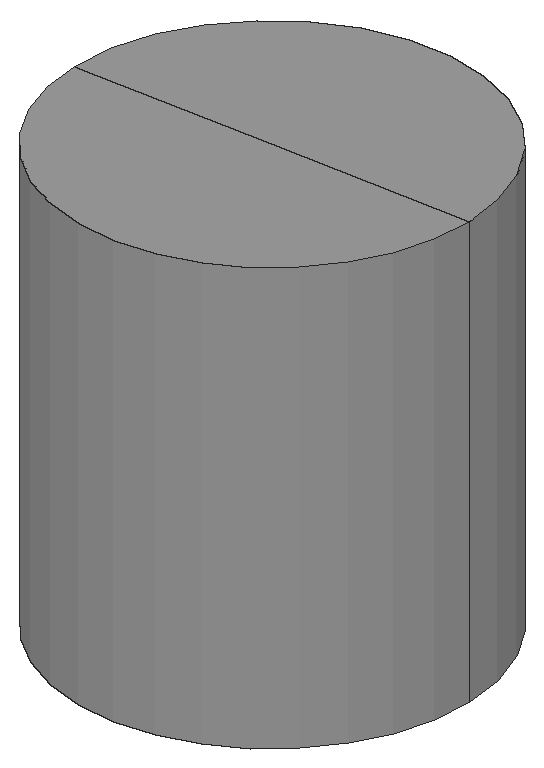
Revit family "NEST_Surface_VIZULO", category Lighting Fixtures, Revit 2021
Family settings
  Round Connector Dimension = Use Diameter
  Part Type = Normal
  OmniClass Number = 23.80.70.00
  OmniClass Title = Lighting
  Work Plane-Based = No
  Always vertical = Yes
  Cut with Voids When Loaded = No
  Light Source = Yes
  Shared = No
  Room Calculation Point = No
Parameters (values of type "Diameter 220, 25 W, 4000 K")
  Wattage = 25 W
  built-in parameter 1150110 = 1 (stored number, unit not read)
  built-in parameter 1114217 = 1 (stored number, unit not read)
  Tilt Angle = 90.00°
  built-in parameter 1150109 = 1 (stored number, unit not read)
  built-in parameter 1150134 = 12
  built-in parameter 1150113 = 1 (stored number, unit not read)
  built-in parameter 1010507 = 0.95993 (stored number, unit not read)
  built-in parameter 1010506 = 0.43633 (stored number, unit not read)
  SourceDepth [instance] = 35 mm
  Lumens = 3713.55 lm
  built-in parameter 1150115 = 1 (stored number, unit not read)
  built-in parameter 1150105 = 18172.6 (stored number, unit not read)
  built-in parameter 1150131 = 3048 mm
  built-in parameter 1150137 = (empty or 0)
  built-in parameter 1150139 = (empty or 0)
  Lenght [instance] = 240 mm
  built-in parameter 1150112 = 1 (stored number, unit not read)
  built-in parameter 1150114 = 1 (stored number, unit not read)
  InnerRadius [instance] = 60.5 mm
  built-in parameter 1150132 = (empty or 0)
  built-in parameter 1150102 = (empty or 0)
  built-in parameter 1150138 = (empty or 0)
  built-in parameter 1150107 = 4000 (stored number, unit not read)
  built-in parameter 1150106 = 181.73 (stored number, unit not read)
  ExtrusionDiameter [instance] = 4 mm
  Extrusion2 [instance] = 95 mm
  Extrusion [instance] = 5 mm
  Emit from Circle Diameter = 141 mm
  Emit Shape Visible in Rendering = no
  built-in parameter 1150104 = 13.8 (stored number, unit not read)
  Dimming Lamp Color Temperature Shift = <None>
  Radius [instance] = 110 mm
  Default Elevation = 0 mm
  Color Filter = 16777215
  built-in parameter 1114218 = 1 (stored number, unit not read)
  Light Source Symbol Length = 3048 mm
Types (13, lengths in mm): name | Wattage | built-in parameter 1150134 | Lumens | built-in parameter 1150105 | Lenght | InnerRadius | built-in parameter 1150107 | built-in parameter 1150106 | Extrusion2 | Emit from Circle Diameter | Radius
  (no name) | 25 W | 12 | 3713.55 lm | 18172.6 (stored number, unit not read) | 240 | 60.5 | 4000 (stored number, unit not read) | 181.73 (stored number, unit not read) | 95 | 141 | 110
  Diameter 140, 15 W, 3000 K | 15 W | (empty or 0) | 2228.13 lm | 10903.6 (stored number, unit not read) | 160 | 30.5 | 3000 (stored number, unit not read) | 109.04 (stored number, unit not read) | 55 | 61 | 70
  Diameter 160, 15 W, 3000 K | 15 W | (empty or 0) | 2228.13 lm | 10903.6 (stored number, unit not read) | 180 | 40.5 | 3000 (stored number, unit not read) | 109.04 (stored number, unit not read) | 65 | 81 | 80
  Diameter 180, 20 W, 3000 K | 20 W | (empty or 0) | 2970.84 lm | 14538.1 (stored number, unit not read) | 200 | 50.5 | 3000 (stored number, unit not read) | 145.38 (stored number, unit not read) | 75 | 101 | 90
  Diameter 200, 25 W, 3000 K | 25 W | (empty or 0) | 3713.55 lm | 18172.6 (stored number, unit not read) | 220 | 60.5 | 3000 (stored number, unit not read) | 181.73 (stored number, unit not read) | 85 | 121 | 100
  Diameter 220, 25 W, 3000 K | 25 W | (empty or 0) | 3713.55 lm | 18172.6 (stored number, unit not read) | 240 | 60.5 | 3000 (stored number, unit not read) | 181.73 (stored number, unit not read) | 95 | 141 | 110
  Diameter 140, 15 W, 4000 K | 15 W | 12 | 2228.13 lm | 10903.6 (stored number, unit not read) | 160 | 30.5 | 4000 (stored number, unit not read) | 109.04 (stored number, unit not read) | 55 | 61 | 70
  Diameter 160, 15 W, 4000 K | 15 W | 12 | 2228.13 lm | 10903.6 (stored number, unit not read) | 180 | 40.5 | 4000 (stored number, unit not read) | 109.04 (stored number, unit not read) | 65 | 81 | 80
  Diameter 160, 20 W, 3000 K | 20 W | (empty or 0) | 2970.84 lm | 14538.1 (stored number, unit not read) | 180 | 40.5 | 3000 (stored number, unit not read) | 145.38 (stored number, unit not read) | 65 | 81 | 80
  Diameter 160, 20 W, 4000 K | 20 W | 12 | 2970.84 lm | 14538.1 (stored number, unit not read) | 180 | 40.5 | 4000 (stored number, unit not read) | 145.38 (stored number, unit not read) | 65 | 81 | 80
  Diameter 180, 20 W, 4000 K | 20 W | (empty or 0) | 2970.84 lm | 14538.1 (stored number, unit not read) | 200 | 50.5 | 3000 (stored number, unit not read) | 145.38 (stored number, unit not read) | 75 | 101 | 90
  Diameter 200, 25 W, 4000 K | 25 W | 12 | 3713.55 lm | 18172.6 (stored number, unit not read) | 220 | 60.5 | 4000 (stored number, unit not read) | 181.73 (stored number, unit not read) | 85 | 121 | 100
  Diameter 220, 25 W, 4000 K | 25 W | 12 | 3713.55 lm | 18172.6 (stored number, unit not read) | 240 | 60.5 | 4000 (stored number, unit not read) | 181.73 (stored number, unit not read) | 95 | 141 | 110
Reference planes
  plane 1 "Light Source Axis (F/B)": y = 0
  plane 2: z = 0
  plane 3 "Light Source Axis (L/R)": x = 0
  plane 4 "Light Source Elevation": z = 1500
Forms (mm)
  Revolve 1, solid, material "Aluminium"
    sketch origin (0, 0, 0) x (1, 0, 0) y (0, 0, 1)
      loop
        line (0, 1500) -> (0, 1705) -> (-110, 1705) -> (-110, 1465) -> (-94.519, 1465) -> (-60.5, 1500) -> (0, 1500)
      axis (0, 1705) -> (0, 1465)
    angle from 0 to 360
  Extrusion 2, solid
    sketch origin (0, 0, 0) x (1, 0, 0) y (0, 1, 0)
      loop
        circle (0, 93) r 2
      loop
        circle (93, -24.842) r 2
      loop
        circle (-97, -27.155) r 2
      loop
        circle (0, 0) r 5
      loop
        circle (-83.217, -11.559) r 5
    from 1624.983 to 1700
Dimensions and locks
  "Lenght": Revolve 1 to Revolve 1
  "Radius": Revolve 1 sketch curve to Revolve 1 sketch curve
  Revolve 1 sketch curve to Revolve 1 sketch curve = 15.481 mm
  "InnerRadius": Revolve 1 sketch curve to Revolve 1 sketch curve
  "Extrusion": Revolve 1 to Extrusion 2
  "Extrusion2": imposter light to Extrusion 2 sketch curve
  "Extrusion2": Extrusion 2 sketch curve to imposter light  (x2)
  "SourceDepth": imposter light to Revolve 1
  diameter of Revolve 1 = 220 mm
  "ExtrusionDiameter": diameter of Extrusion 2 sketch curve  (x3)
  aligned and locked: imposter light to plane 3 "Light Source Axis (L/R)"
  aligned and locked: plane 1 "Light Source Axis (F/B)" to imposter light
  aligned and locked: plane 4 "Light Source Elevation" to imposter light
  aligned and locked: level to plane 2
Automatic sketch dimensions
  Revolve 1 sketch curve to plane 4 "Light Source Elevation" = 0 mm
  Revolve 1 sketch curve to plane 3 "Light Source Axis (L/R)" = 0 mm  (x2)
  plane 4 "Light Source Elevation" to Revolve 1 sketch curve = 35 mm
  Revolve 1 sketch curve to plane 4 "Light Source Elevation" = 205 mm
  Revolve 1 sketch curve to level = 271.696 mm
  Revolve 1 sketch curve to Revolve 1 sketch curve = 77.644 mm
  plane 1 "Light Source Axis (F/B)" to Extrusion 2 sketch curve = 0 mm
  Extrusion 2 sketch curve to plane 3 "Light Source Axis (L/R)" = 0 mm  (x2)
  Extrusion 2 sketch curve to Extrusion 2 sketch curve = 13.783 mm
  plane 1 "Light Source Axis (F/B)" to Extrusion 2 sketch curve = 11.559 mm
  plane 1 "Light Source Axis (F/B)" to Extrusion 2 sketch curve = 24.842 mm
  Extrusion 2 sketch curve to Extrusion 2 sketch curve = 15.596 mm
  radius of Extrusion 2 sketch curve = 5 mm  (x2)
Connectors
  electrical at (0, 93, 1700)
    settings: on Extrusion 2, index 1, voltage 0 V, apparent load 0 VA, apparent load phase1 0 VA, apparent load phase2 0 VA, apparent load phase3 0 VA, power factor 1, load classification "Other", number of poles 1, system type 31, power factor state 1, is connector primary yes, connector utility no, sub classification motor no, connector description ""
